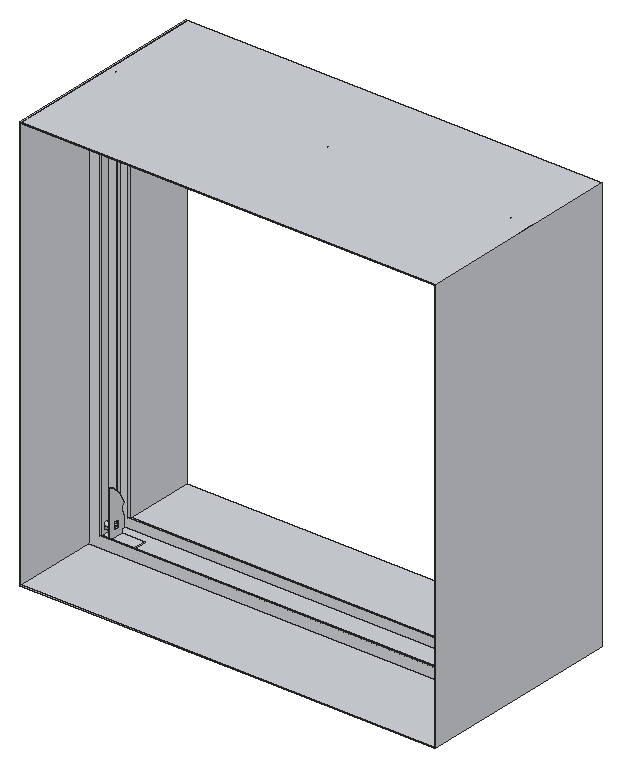
Revit family "FDD-SALB", category Mechanical Equipment, Revit 2015
Parameters
  URL = "http://unitedenertech.com/catalog/pdf/A-4%20FDD-SALB.pdf"
  Type Comments = "Max Sizes are (Vertical 72\"w x 36\"h or 36\"w x 72\"h) (Horizontal 36\"w x 36\"h)"
  Model = "FDD-SALB"
  Manufacturer = "United Enertech Corporation"
  Keynote = ""
  Exact Width = 2' - 0"
  Exact Height = 2' - 0"
  EFL Height [instance] = Blade Pair Number * 0' 0 13/32" + 0' 0 49/64"  # 0' - 3 13/64"
  Description = "Curtain Fire Damper (For Dynamic or Static Systems)"
  Depth = 1' - 0"
  Blade Width [instance] = Exact Width - 0' 0 1/8"  # 1' - 11 7/8"
  Blade Pair Number [instance] = (Exact Height - 0' 0 41/128") / 0' 3 7/8"  # 6
Reference planes (in)
  plane 1 "Center (Front/Back)": y = 0
  plane 2: z = 0
  plane 3 "Center (Left/Right)": x = 0
  plane 4: x = -12
  plane 5: x = 12
  plane 6: z = 24
  plane 7: y = 12
  plane 8: y = 7.09375
  plane 9: y = 4.90625
  plane 10: z = 23.9641
  plane 11: z = 0.0359
  plane 12: x = 11.9641
  plane 13: x = -11.9641
  plane 14: z = 0.6609
  plane 15: z = 23.3391
  plane 16: x = -11.3391
  plane 17: x = 11.3391
  plane 18: y = 5.03125
  plane 19: y = 6.96875
  plane 20: x = -0.25
  plane 21: x = 0.25
  plane 22: z = 20.76098
  plane 23: z = 20.85299
  plane 24: z = 0.1609
  plane 25: z = 23.8391
  plane 26: x = -11.8391
  plane 27: x = 11.8391
Forms (in)
  Extrusion 1, solid
    sketch origin (0, 0, 0) x (1, 0, 0) y (0, 0, 1)
      loop
        line (-12, 24) -> (-12, 0) -> (12, 0) -> (12, 24) -> (-12, 24)
      loop
        line (-11.9641, 23.9641) -> (-11.9641, 0.0359) -> (11.9641, 0.0359) -> (11.9641, 23.9641) -> (-11.9641, 23.9641)
    from -12 to 0
  Extrusion 2, solid
    sketch origin (0, 0, 0) x (1, 0, 0) y (0, 0, 1)
      loop
        line (-11.9641, 23.9641) -> (-11.9641, 0.0359) -> (11.9641, 0.0359) -> (11.9641, 23.9641) -> (-11.9641, 23.9641)
      loop
        line (-11.3391, 23.3391) -> (-11.3391, 0.6609) -> (11.3391, 0.6609) -> (11.3391, 23.3391) -> (-11.3391, 23.3391)
    from -5.03125 to -4.90625
  Extrusion 3, solid
    sketch origin (0, 0, 0) x (1, 0, 0) y (0, 0, 1)
      loop
        line (-11.9641, 23.9641) -> (-11.9641, 0.0359) -> (11.9641, 0.0359) -> (11.9641, 23.9641) -> (-11.9641, 23.9641)
      loop
        line (-11.3391, 23.3391) -> (-11.3391, 0.6609) -> (11.3391, 0.6609) -> (11.3391, 23.3391) -> (-11.3391, 23.3391)
    from -7.09375 to -6.96875
  Extrusion 4, solid
    sketch origin (0, 0, 0) x (0, 1, 0) y (0, 0, 1)
      loop
        line (6.93285, 23.9641) -> (6.89695, 23.9641) -> (6.89695, 20.82348)
        arc (6.89695, 20.82348) -> (6.91526, 20.77928) -> (6.95945, 20.76098) r 0.0625
        line (6.95945, 20.76098) -> (7.28755, 20.76098)
        arc (7.28755, 20.76098) -> (7.33174, 20.77928) -> (7.35005, 20.82348) r 0.0625
        line (7.35005, 20.82348) -> (7.35005, 21.34678) -> (7.31415, 21.34678) -> (7.31415, 20.82813)
        arc (7.31415, 20.82813) -> (7.305, 20.80603) -> (7.2829, 20.79688) r 0.03125
        line (7.2829, 20.79688) -> (6.9641, 20.79688)
        arc (6.9641, 20.79688) -> (6.942, 20.80603) -> (6.93285, 20.82813) r 0.03125
        line (6.93285, 20.82813) -> (6.93285, 23.9641)
    from -0.25 to 0.25
  Extrusion 5, solid
    sketch origin (0, 12, 0) x (0, -1, 0) y (0, 0, -1)
      loop
        line (6.93285, -23.9641) -> (6.93285, -20.82813)
        arc (6.93285, -20.82813) -> (6.942, -20.80603) -> (6.9641, -20.79688) r 0.03125
        line (6.9641, -20.79688) -> (7.2829, -20.79688)
        arc (7.2829, -20.79688) -> (7.305, -20.80603) -> (7.31415, -20.82813) r 0.03125
        line (7.31415, -20.82813) -> (7.31415, -21.34678) -> (7.35005, -21.34678) -> (7.35005, -20.82348)
        arc (7.35005, -20.82348) -> (7.33174, -20.77928) -> (7.28755, -20.76098) r 0.0625
        line (7.28755, -20.76098) -> (6.95945, -20.76098)
        arc (6.95945, -20.76098) -> (6.91526, -20.77928) -> (6.89695, -20.82348) r 0.0625
        line (6.89695, -20.82348) -> (6.89695, -23.9641) -> (6.93285, -23.9641)
    from -0.25 to 0.25
  Extrusion 6, solid
    sketch origin (0, 0, 0) x (1, 0, 0) y (0, 0, 1)
      loop
        line (-11.9641, 23.9641) -> (-11.9641, 0.0359) -> (11.9641, 0.0359) -> (11.9641, 23.9641) -> (-11.9641, 23.9641)
      loop
        line (-11.8391, 23.8391) -> (-11.8391, 0.1609) -> (11.8391, 0.1609) -> (11.8391, 23.8391) -> (-11.8391, 23.8391)
    from -6.96875 to -5.03125
  Extrusion 7, solid
    sketch origin (0, 0, 0) x (0, 1, 0) y (0, 0, 1)
      loop
        line (6.17541, 0.6609) -> (6.17541, 20.76098) -> (6.14346, 20.76098) -> (6.14346, 0.6609) -> (6.17541, 0.6609)
    from 11.3391 to 11.8391
  Extrusion 8, solid
    sketch origin (0, 0, 0) x (0, 1, 0) y (0, 0, 1)
      loop
        arc (6.17541, 20.76098) -> (6.07125, 21.18339) -> (5.73725, 21.46218) r 0.69838
        line (5.73725, 21.46218) -> (5.72569, 21.43314)
        arc (5.72569, 21.43314) -> (6.04537, 21.16583) -> (6.14406, 20.76098) r 0.66713
        line (6.14406, 20.76098) -> (6.17541, 20.76098)
    from 11.3391 to 11.8391
  Extrusion 9, solid
    sketch origin (0, 0, 0) x (0, 1, 0) y (0, 0, -1)
      loop
        line (6.17541, -0.6609) -> (6.14346, -0.6609) -> (6.14346, -20.76098) -> (6.17541, -20.76098) -> (6.17541, -0.6609)
    from 11.3391 to 11.8391
  Extrusion 10, solid
    sketch origin (0, 0, 0) x (0, 1, 0) y (0, 0, -1)
      loop
        line (6.17541, -20.76098) -> (6.14406, -20.76098)
        arc (6.14406, -20.76098) -> (6.04537, -21.16583) -> (5.72569, -21.43314) r 0.66713
        line (5.72569, -21.43314) -> (5.73725, -21.46218)
        arc (5.73725, -21.46218) -> (6.07125, -21.18339) -> (6.17541, -20.76098) r 0.69838
    from 11.3391 to 11.8391
Dimensions and locks (in)
  equal spacing: plane 4, plane 3 "Center (Left/Right)", plane 5
  "Exact Width": plane 4 to plane 5
  "Exact Height": plane 6 to level
  "Depth": plane 1 "Center (Front/Back)" to plane 7
  locked: plane 9 to plane 1 "Center (Front/Back)" at 4.90625
  locked: plane 7 to plane 8 at 4.90625
  locked: plane 6 to plane 10 at 0.0359
  locked: plane 11 to level at 0.0359
  locked: plane 5 to plane 12 at 0.0359
  locked: plane 4 to plane 13 at 0.0359
  locked: plane 14 to plane 11 at 0.625
  locked: plane 10 to plane 15 at 0.625
  locked: plane 16 to plane 13 at 0.625
  locked: plane 17 to plane 12 at 0.625
  locked: plane 18 to plane 9 at 0.125
  locked: plane 8 to plane 19 at 0.125
  locked: plane 20 to plane 3 "Center (Left/Right)" at 0.25
  locked: plane 21 to plane 3 "Center (Left/Right)" at 0.25
  "EFL Height": plane 10 to plane 22
  locked: plane 23 to plane 22 at 0.09202
  locked: plane 24 to plane 11 at 0.125
  locked: plane 25 to plane 10 at 0.125
  locked: plane 13 to plane 26 at 0.125
  locked: plane 27 to plane 12 at 0.125
  equal spacing: group 1, group 2, group 3, group 4, group 5, group 6  (x2)
  equal spacing: group 6, group 5, group 4, group 3, group 2, group 1
  locked: nested 2 to nested 3 at 0.40625
  aligned and locked: level to plane 2
  aligned and locked: Extrusion 1 sketch curve to plane 6
  aligned and locked: Extrusion 1 sketch curve to plane 4
  aligned and locked: level to Extrusion 1 sketch curve
  aligned and locked: Extrusion 1 sketch curve to plane 5
  aligned and locked: plane 11 to Extrusion 1 sketch curve
  aligned and locked: Extrusion 1 sketch curve to plane 12
  aligned and locked: Extrusion 1 sketch curve to plane 13
  aligned and locked: Extrusion 1 sketch curve to plane 10
  aligned and locked: plane 7 to Extrusion 1
  aligned and locked: plane 1 "Center (Front/Back)" to Extrusion 1
  aligned and locked: Extrusion 2 sketch curve to plane 10
  aligned and locked: Extrusion 2 sketch curve to plane 12
  aligned and locked: Extrusion 2 sketch curve to plane 13
  aligned and locked: plane 11 to Extrusion 2 sketch curve
  aligned and locked: plane 14 to Extrusion 2 sketch curve
  aligned and locked: plane 17 to Extrusion 2 sketch curve
  aligned and locked: plane 16 to Extrusion 2 sketch curve
  aligned and locked: Extrusion 2 sketch curve to plane 15
  aligned and locked: plane 18 to Extrusion 2
  aligned and locked: Extrusion 2 to plane 9
  aligned and locked: plane 8 to Extrusion 3
  aligned and locked: Extrusion 3 to plane 19
  aligned and locked: Extrusion 4 sketch curve to plane 10
  aligned and locked: plane 22 to Extrusion 4 sketch curve
  aligned and locked: plane 20 to Extrusion 5
  aligned and locked: plane 20 to Extrusion 4
  aligned and locked: plane 21 to Extrusion 4
  aligned and locked: plane 21 to Extrusion 5
  aligned and locked: nested 1 to plane 23
  aligned and locked: plane 3 "Center (Left/Right)" to nested 2
  aligned and locked: plane 11 to Extrusion 6 sketch curve
  aligned and locked: Extrusion 6 sketch curve to plane 13
  aligned and locked: Extrusion 6 sketch curve to plane 12
  aligned and locked: Extrusion 6 sketch curve to plane 10
  aligned and locked: plane 26 to Extrusion 6 sketch curve
  aligned and locked: plane 24 to Extrusion 6 sketch curve
  aligned and locked: plane 27 to Extrusion 6 sketch curve
  aligned and locked: plane 25 to Extrusion 6 sketch curve
  aligned and locked: plane 19 to Extrusion 6
  aligned and locked: Extrusion 6 to plane 18
  aligned and locked: nested 2 to plane 25
  aligned and locked: nested 5 to plane 24
  aligned and locked: nested 5 to plane 26
  aligned and locked: plane 27 to nested 6
  aligned and locked: plane 24 to nested 6
  aligned and locked: plane 14 to Extrusion 7 sketch curve
  aligned and locked: Extrusion 7 sketch curve to plane 22
  aligned and locked: plane 17 to Extrusion 7
  aligned and locked: Extrusion 7 to plane 27
  aligned and locked: plane 22 to Extrusion 8 sketch curve
  aligned and locked: Extrusion 8 to plane 27
  aligned and locked: plane 17 to Extrusion 8
  aligned and locked: plane 16 to Extrusion 10
  aligned and locked: Extrusion 10 to plane 26
  aligned and locked: plane 16 to Extrusion 9
  aligned and locked: Extrusion 9 to plane 26
Automatic sketch dimensions
  Extrusion 3 sketch curve to plane 11 = 0' - 0"
  plane 13 to Extrusion 3 sketch curve = 0' - 0"
  Extrusion 3 sketch curve to plane 15 = 0' - 0"
  Extrusion 3 sketch curve to plane 16 = 0' - 0"
  plane 17 to Extrusion 3 sketch curve = 0' - 0"
  Extrusion 3 sketch curve to plane 10 = 0' - 0"
  Extrusion 3 sketch curve to plane 12 = 0' - 0"
  Extrusion 3 sketch curve to plane 14 = 0' - 0"
  Extrusion 4 sketch curve to plane 19 = 0' - 0.0718"
  Extrusion 4 sketch curve to plane 19 = 0' - 0.0359"
  Extrusion 4 sketch curve to plane 19 = 0' - 0.0093"
  Extrusion 4 sketch curve to plane 19 = 0' - 0.00465"
  plane 22 to Extrusion 4 sketch curve = 0' - 0.0359"
  plane 8 to Extrusion 4 sketch curve = 0' - 0.18915"
  Extrusion 4 sketch curve to Extrusion 4 sketch curve = 0' - 0.00465"
  plane 8 to Extrusion 4 sketch curve = 0' - 0.2204"
  Extrusion 4 sketch curve to Extrusion 4 sketch curve = 0' - 0.0359"
  plane 23 to Extrusion 4 sketch curve = 0' - 0.49378"
  Extrusion 5 sketch curve to plane 10 = 0' - 0"
  Extrusion 5 sketch curve to plane 22 = 0' - 0"
  Extrusion 5 sketch curve to plane 18 = 0' - 0.0718"
  Extrusion 5 sketch curve to plane 18 = 0' - 0.0359"
  Extrusion 5 sketch curve to plane 18 = 0' - 0.0093"
  Extrusion 5 sketch curve to plane 18 = 0' - 0.00465"
  Extrusion 5 sketch curve to plane 22 = 0' - 0.0359"
  plane 9 to Extrusion 5 sketch curve = 0' - 0.18915"
  Extrusion 5 sketch curve to Extrusion 5 sketch curve = 0' - 0.00465"
  plane 9 to Extrusion 5 sketch curve = 0' - 0.2204"
  Extrusion 5 sketch curve to Extrusion 5 sketch curve = 0' - 0.0359"
  Extrusion 5 sketch curve to plane 23 = 0' - 0.49378"
  Extrusion 7 sketch curve to plane 19 = 0' - 0.82529"
  Extrusion 7 sketch curve to Extrusion 7 sketch curve = 0' - 0.03194"
  Extrusion 8 sketch curve to Extrusion 8 sketch curve = 0' - 0"  (x2)
  Extrusion 8 sketch curve to plane 23 = 0' - 0.03969"
  plane 18 to Extrusion 8 sketch curve = 0' - 0.44774"
  Extrusion 8 sketch curve to Extrusion 8 sketch curve = 0' - 0.2467"
  Extrusion 8 sketch curve to Extrusion 8 sketch curve = 0' - 0.01156"
  Extrusion 8 sketch curve to Extrusion 8 sketch curve = 0' - 0.66507"
  Extrusion 8 sketch curve to Extrusion 8 sketch curve = 0' - 0.03134"
  Extrusion 9 sketch curve to plane 14 = 0' - 0"
  Extrusion 9 sketch curve to plane 22 = 0' - 0"
  Extrusion 9 sketch curve to plane 19 = 0' - 0.82529"
  Extrusion 9 sketch curve to Extrusion 9 sketch curve = 0' - 0.03194"
  Extrusion 10 sketch curve to Extrusion 10 sketch curve = 0' - 0"  (x2)
  Extrusion 10 sketch curve to plane 22 = 0' - 0"
  Extrusion 10 sketch curve to plane 23 = 0' - 0.03969"
  plane 18 to Extrusion 10 sketch curve = 0' - 0.44774"
  Extrusion 10 sketch curve to Extrusion 10 sketch curve = 0' - 0.2467"
  Extrusion 10 sketch curve to Extrusion 10 sketch curve = 0' - 0.01156"
  Extrusion 10 sketch curve to Extrusion 10 sketch curve = 0' - 0.66507"
  Extrusion 10 sketch curve to Extrusion 10 sketch curve = 0' - 0.03134"
Nested families (in)
  nested 1: "EFL" at (4.62017, 9.54074, 20.85299), type "EFL"
  nested 2: "FD-SALB BLADESEDITED" at (0, 7.17008, 22.99638), type "FD-SALB BLADESEDITED"
    with Blade Width 1' - 11 7/8"
  nested 3: "FD-SALB BLADESEDITED" at (0, 7.17008, 22.59013), type "FD-SALB BLADESEDITED"
    with Blade Width 1' - 11 7/8"
  nested 4: "FD-SALB BLADESEDITED" at (0, 7.17008, 22.18388), type "FD-SALB BLADESEDITED"
    with Blade Width 1' - 11 7/8"
  nested 5: "Fire Damper Spring" at (-11.28519, 1.517, -2.70415) x (0, 1, 0) z (0, 0, 1), type "Fire Damper Spring"
  nested 6: "Fire Damper Spring" at (11.28519, 1.517, -2.70415) x (0, 1, 0) z (0, 0, 1), type "Fire Damper Spring"
  nested 7: "FD-SALB BLADESEDITED" at (0, 7.17008, 21.77763), type "FD-SALB BLADESEDITED"
    with Blade Width 1' - 11 7/8"
  nested 8: "FD-SALB BLADESEDITED" at (0, 7.17008, 21.37138), type "FD-SALB BLADESEDITED"
    with Blade Width 1' - 11 7/8"
  nested 9: "FD-SALB BLADESEDITED" at (0, 7.17008, 20.96513), type "FD-SALB BLADESEDITED"
    with Blade Width 1' - 11 7/8"
Definition of nested family "EFL"
  Reference planes (in)
    plane 1 "Center (Front/Back)": y = 0
    plane 2: z = 0
    plane 3 "Center (Left/Right)": x = 0
  Forms (in)
    Extrusion 1, solid
      sketch origin (0, 0, 0) x (1, 0, 0) y (0, 1, 0)
        loop
          arc (-4.87017, -4.05324) -> (-4.81525, -4.18582) -> (-4.68267, -4.24074) r 0.1875
          line (-4.68267, -4.24074) -> (-4.55767, -4.24074)
          arc (-4.55767, -4.24074) -> (-4.42508, -4.18582) -> (-4.37017, -4.05324) r 0.1875
          line (-4.37017, -4.05324) -> (-4.37017, -3.41574) -> (-4.87017, -3.41574) -> (-4.87017, -4.05324)
        loop
          circle (-4.62017, -4.05324) r 0.0625
      from 0.1 to 0.05
    Extrusion 2, solid
      sketch origin (-9.24033, -7.08147, 0) x (-1, 0, 0) y (0, -1, 0)
        loop
          arc (-4.87017, -4.05324) -> (-4.81525, -4.18582) -> (-4.68267, -4.24074) r 0.1875
          line (-4.68267, -4.24074) -> (-4.55767, -4.24074)
          arc (-4.55767, -4.24074) -> (-4.42508, -4.18582) -> (-4.37017, -4.05324) r 0.1875
          line (-4.37017, -4.05324) -> (-4.37017, -3.41574) -> (-4.87017, -3.41574) -> (-4.87017, -4.05324)
        loop
          circle (-4.62017, -4.05324) r 0.0625
      from 0 to 0.05
    Sweep 3, solid
      path in 3D
        loop
          line (-4.62017, -4.16421, 0) -> (-4.62017, -4.22608, 0)
          arc (-4.62017, -4.22608, 0) -> (-4.65678, -4.31447, 0) -> (-4.74517, -4.35108, 0) r 0.125
          line (-4.74517, -4.35108, 0) -> (-4.92568, -4.35108, 0)
          arc (-4.92568, -4.35108, 0) -> (-5.02859, -4.454, 0) -> (-4.92568, -4.55691, 0) r 0.10291
          line (-4.92568, -4.55691, 0) -> (-4.62017, -4.55691, 0) -> (-4.31465, -4.55691, 0)
          arc (-4.31465, -4.55691, 0) -> (-4.21174, -4.454, 0) -> (-4.31465, -4.35108, 0) r 0.10291
          line (-4.31465, -4.35108, 0) -> (-4.58427, -4.35108, 0)
      profile origin (-4.62017, -4.19515, 0) x (1, 0, 0) y (0, 0, 1)
        loop
          circle (0, 0) r 0.03202
    Sweep 4, solid
      path in 3D
        loop
          line (-4.62017, -4.283, 0.1526) -> (-4.62017, -4.12297, 0.1526)
          arc (-4.62017, -4.12297, 0.1526) -> (-4.62017, -4.04635, 0.07598) -> (-4.62017, -4.12297, -0.00063) r 0.07662
          line (-4.62017, -4.12297, -0.00063) -> (-4.62017, -4.16421, -0.00063)
      profile origin (-4.62017, -4.14359, -0.00063) x (0, 0, -1) y (1, 0, 0)
        loop
          circle (0, 0) r 0.03138
    Sweep 5, solid
      path in 3D
        loop
          line (-4.62017, -2.91726, 0) -> (-4.62017, -2.85539, 0)
          arc (-4.62017, -2.85539, 0) -> (-4.65678, -2.767, 0) -> (-4.74517, -2.73039, 0) r 0.125
          line (-4.74517, -2.73039, 0) -> (-4.92568, -2.73039, 0)
          arc (-4.92568, -2.73039, 0) -> (-5.02859, -2.62747, 0) -> (-4.92568, -2.52456, 0) r 0.10291
          line (-4.92568, -2.52456, 0) -> (-4.62017, -2.52456, 0) -> (-4.31465, -2.52456, 0)
          arc (-4.31465, -2.52456, 0) -> (-4.21174, -2.62747, 0) -> (-4.31465, -2.73039, 0) r 0.10291
          line (-4.31465, -2.73039, 0) -> (-4.58427, -2.73039, 0)
      profile origin (-4.62017, -2.88633, 0) x (-1, 0, 0) y (0, 0, 1)
        loop
          circle (0, 0) r 0.03202
    Sweep 6, solid
      path in 3D
        loop
          line (-4.62017, -2.79848, 0.1526) -> (-4.62017, -2.95851, 0.1526)
          arc (-4.62017, -2.95851, 0.1526) -> (-4.62017, -3.03512, 0.07598) -> (-4.62017, -2.95851, -0.00063) r 0.07662
          line (-4.62017, -2.95851, -0.00063) -> (-4.62017, -2.91726, -0.00063)
      profile origin (-4.62017, -2.93788, -0.00063) x (0, 0, 1) y (1, 0, 0)
        loop
          circle (0, 0) r 0.03138
  Lines and regions (in)
    sketch lines
      curve 1: line (-4.62017, -4.16421, 0) -> (-4.62017, -4.22608, 0)
      curve 2: arc (-4.74517, -4.35108, 0) -> (-4.65678, -4.31447, 0) -> (-4.62017, -4.22608, 0) r 0.125
      curve 3: line (-4.74517, -4.35108, 0) -> (-4.92568, -4.35108, 0)
      curve 4: arc (-4.92568, -4.35108, 0) -> (-5.02859, -4.454, 0) -> (-4.92568, -4.55691, 0) r 0.10291
      curve 5: line (-4.62017, -4.55691, 0) -> (-4.92568, -4.55691, 0)
      curve 6: line (-4.62017, -4.55691, 0) -> (-4.31465, -4.55691, 0)
      curve 7: arc (-4.31465, -4.55691, 0) -> (-4.21174, -4.454, 0) -> (-4.31465, -4.35108, 0) r 0.10291
      curve 8: line (-4.58427, -4.35108, 0) -> (-4.31465, -4.35108, 0)
      curve 9: line (-4.62017, -4.12297, -0.00063) -> (-4.62017, -4.16421, -0.00063)
      curve 10: arc (-4.62017, -4.12297, -0.00063) -> (-4.62017, -4.04635, 0.07598) -> (-4.62017, -4.12297, 0.1526) r 0.07662
      curve 11: line (-4.62017, -4.12297, 0.1526) -> (-4.62017, -4.283, 0.1526)
      curve 12: line (-4.62017, -2.91726, 0) -> (-4.62017, -2.85539, 0)
      curve 13: arc (-4.74517, -2.73039, 0) -> (-4.65678, -2.767, 0) -> (-4.62017, -2.85539, 0) r 0.125
      curve 14: line (-4.74517, -2.73039, 0) -> (-4.92568, -2.73039, 0)
      curve 15: arc (-4.92568, -2.73039, 0) -> (-5.02859, -2.62747, 0) -> (-4.92568, -2.52456, 0) r 0.10291
      curve 16: line (-4.62017, -2.52456, 0) -> (-4.92568, -2.52456, 0)
      curve 17: line (-4.62017, -2.52456, 0) -> (-4.31465, -2.52456, 0)
      curve 18: arc (-4.31465, -2.52456, 0) -> (-4.21174, -2.62747, 0) -> (-4.31465, -2.73039, 0) r 0.10291
      curve 19: line (-4.58427, -2.73039, 0) -> (-4.31465, -2.73039, 0)
      curve 20: line (-4.62017, -2.95851, -0.00063) -> (-4.62017, -2.91726, -0.00063)
      curve 21: arc (-4.62017, -2.95851, -0.00063) -> (-4.62017, -3.03512, 0.07598) -> (-4.62017, -2.95851, 0.1526) r 0.07662
      curve 22: line (-4.62017, -2.95851, 0.1526) -> (-4.62017, -2.79848, 0.1526)
  Dimensions and locks (in)
    aligned and locked: level to plane 2
Definition of nested family "FD-SALB BLADESEDITED"
  Parameters (values of type "FD-SALB BLADESEDITED")
    Blade Width = 2' - 4"
  Reference planes (in)
    plane 1 "Center (Front/Back)": y = 0
    plane 2: z = 0
    plane 3 "Center (Left/Right)": x = 0
    plane 4: x = -14
    plane 5: x = 14
  Forms (in)
    Extrusion 1, solid
      sketch origin (0, 0, 0) x (0, 1, 0) y (0, 0, 1)
        loop
          line (-0.31672, 0.53073) -> (-0.3446, 0.62657)
          arc (-0.3446, 0.62657) -> (-0.33726, 0.6415) -> (-0.32269, 0.63348) r 0.0115
          line (-0.32269, 0.63348) -> (-0.30545, 0.53536)
          arc (-0.30545, 0.53536) -> (-0.31611, 0.49773) -> (-0.35217, 0.48264) r 0.045
          line (-0.35217, 0.48264) -> (-0.39872, 0.48554)
          arc (-0.39872, 0.48554) -> (-0.42675, 0.49692) -> (-0.44125, 0.52348) r 0.045
          line (-0.44125, 0.52348) -> (-0.47071, 0.66865)
          arc (-0.47071, 0.66865) -> (-0.48965, 0.70349) -> (-0.5262, 0.7189) r 0.06
          line (-0.5262, 0.7189) -> (-1.55698, 0.78305) -> (-1.76244, 0.79584)
          arc (-1.76244, 0.79584) -> (-1.79846, 0.78683) -> (-1.82228, 0.75836) r 0.06
          line (-1.82228, 0.75836) -> (-1.88016, 0.61423)
          arc (-1.88016, 0.61423) -> (-1.90974, 0.57877) -> (-1.95445, 0.56733) r 0.075
          arc (-1.95445, 0.56733) -> (-2.03902, 0.60869) -> (-2.06957, 0.69773) r 0.123
          line (-2.06957, 0.69773) -> (-2.06418, 0.78456)
          arc (-2.06418, 0.78456) -> (-2.05371, 0.80551) -> (-2.03138, 0.81256) r 0.03
          line (-2.03138, 0.81256) -> (-1.90763, 0.80489) -> (-1.90763, 0.8362) -> (-2.01284, 0.84272) -> (-2.04641, 0.84272)
          arc (-2.04641, 0.84272) -> (-2.08042, 0.82292) -> (-2.09536, 0.7865) r 0.06125
          line (-2.09536, 0.7865) -> (-2.10077, 0.69966)
          arc (-2.10077, 0.69966) -> (-2.06244, 0.58801) -> (-1.95639, 0.53614) r 0.15425
          arc (-1.95639, 0.53614) -> (-1.89306, 0.55235) -> (-1.8512, 0.60257) r 0.10625
          line (-1.8512, 0.60257) -> (-1.7933, 0.74674)
          arc (-1.7933, 0.74674) -> (-1.78183, 0.76038) -> (-1.76452, 0.76466) r 0.02875
          line (-1.76452, 0.76466) -> (-1.55892, 0.75186) -> (-0.52813, 0.68773)
          arc (-0.52813, 0.68773) -> (-0.51045, 0.68016) -> (-0.50148, 0.66314) r 0.02875
          line (-0.50148, 0.66314) -> (-0.47199, 0.51784)
          arc (-0.47199, 0.51784) -> (-0.4474, 0.47346) -> (-0.4004, 0.45434) r 0.07625
          line (-0.4004, 0.45434) -> (-0.35398, 0.45144)
          arc (-0.35398, 0.45144) -> (-0.29278, 0.47694) -> (-0.27468, 0.54073) r 0.07625
          line (-0.27468, 0.54073) -> (-0.29191, 0.63889)
          arc (-0.29191, 0.63889) -> (-0.33988, 0.67434) -> (-0.37768, 0.6282) r 0.04327
          line (-0.37768, 0.6282) -> (-0.34677, 0.52199) -> (-0.31672, 0.53073)
      from -14 to 14
    Extrusion 2, solid
      sketch origin (0, 0, 0) x (0, 1, 0) y (0, 0, 1)
        loop
          arc (-0.31635, 0.67497) -> (-0.29361, 0.66856) -> (-0.28256, 0.64768) r 0.03
          line (-0.28256, 0.64768) -> (-0.2714, 0.56286)
          arc (-0.2714, 0.56286) -> (-0.29582, 0.47194) -> (-0.37737, 0.42491) r 0.123
          arc (-0.37737, 0.42491) -> (-0.42275, 0.43328) -> (-0.45469, 0.46664) r 0.075
          line (-0.45469, 0.46664) -> (-0.52225, 0.60648)
          arc (-0.52225, 0.60648) -> (-0.54755, 0.63305) -> (-0.58358, 0.63992) r 0.06
          line (-0.58358, 0.63992) -> (-0.78858, 0.61304) -> (-1.81262, 0.47877)
          arc (-1.81262, 0.47877) -> (-1.84723, 0.46173) -> (-1.86432, 0.42714) r 0.06
          line (-1.86432, 0.42714) -> (-1.88437, 0.27537)
          arc (-1.88437, 0.27537) -> (-1.89734, 0.2499) -> (-1.92301, 0.23735) r 0.045
          line (-1.92301, 0.23735) -> (-1.96868, 0.2314)
          arc (-1.96868, 0.2314) -> (-2.00696, 0.24361) -> (-2.02023, 0.28153) r 0.045
          line (-2.02023, 0.28153) -> (-2.00995, 0.379)
          arc (-2.00995, 0.379) -> (-1.99657, 0.38882) -> (-1.98728, 0.37505) r 0.0115
          line (-1.98728, 0.37505) -> (-2.00879, 0.27676) -> (-1.97772, 0.26996) -> (-1.95543, 0.37179)
          arc (-1.95543, 0.37179) -> (-1.99381, 0.41919) -> (-2.04121, 0.38081) r 0.04313
          line (-2.04121, 0.38081) -> (-2.05127, 0.28509)
          arc (-2.05127, 0.28509) -> (-2.02877, 0.22122) -> (-1.96431, 0.20045) r 0.07625
          line (-1.96431, 0.20045) -> (-1.91897, 0.20638)
          arc (-1.91897, 0.20638) -> (-1.87533, 0.22771) -> (-1.85342, 0.27106) r 0.07625
          line (-1.85342, 0.27106) -> (-1.83333, 0.42305)
          arc (-1.83333, 0.42305) -> (-1.82514, 0.43962) -> (-1.80853, 0.44779) r 0.02875
          line (-1.80853, 0.44779) -> (-0.78452, 0.58205) -> (-0.57967, 0.60892)
          arc (-0.57967, 0.60892) -> (-0.56246, 0.60559) -> (-0.55039, 0.5929) r 0.02875
          line (-0.55039, 0.5929) -> (-0.48278, 0.45303)
          arc (-0.48278, 0.45303) -> (-0.4376, 0.40578) -> (-0.37331, 0.39393) r 0.10625
          arc (-0.37331, 0.39393) -> (-0.27103, 0.4529) -> (-0.24041, 0.56695) r 0.15425
          line (-0.24041, 0.56695) -> (-0.2515, 0.65113)
          arc (-0.2515, 0.65113) -> (-0.27433, 0.69316) -> (-0.32041, 0.70596) r 0.06125
          line (-0.32041, 0.70596) -> (-0.44437, 0.68971) -> (-0.44031, 0.65872) -> (-0.31635, 0.67497)
      from -14 to 14
  Dimensions and locks (in)
    equal spacing: plane 4, plane 3 "Center (Left/Right)", plane 5
    "Blade Width": plane 4 to plane 5
    aligned and locked: level to plane 2
    aligned and locked: plane 4 to Extrusion 1
    aligned and locked: plane 4 to Extrusion 2
    aligned and locked: plane 5 to Extrusion 1
    aligned and locked: plane 5 to Extrusion 2
  Automatic sketch dimensions
    Extrusion 2 sketch curve to Extrusion 2 sketch curve = 0' - 0"  (x35)
    level to Extrusion 2 sketch curve = 0' - 0.28509"
    plane 1 "Center (Front/Back)" to Extrusion 2 sketch curve = 0' - 2.05127"
    level to Extrusion 2 sketch curve = 0' - 0.38081"
    Extrusion 2 sketch curve to Extrusion 2 sketch curve = 0' - 0.01006"
    level to Extrusion 2 sketch curve = 0' - 0.28153"
    Extrusion 2 sketch curve to Extrusion 2 sketch curve = 0' - 0.03105"
    level to Extrusion 2 sketch curve = 0' - 0.27676"
    Extrusion 2 sketch curve to Extrusion 2 sketch curve = 0' - 0.01143"  (x2)
    Extrusion 2 sketch curve to Extrusion 2 sketch curve = 0' - 0.04266"
    Extrusion 2 sketch curve to Extrusion 2 sketch curve = 0' - 0.00023"
    level to Extrusion 2 sketch curve = 0' - 0.26996"
    Extrusion 2 sketch curve to Extrusion 2 sketch curve = 0' - 0.03107"
    Extrusion 2 sketch curve to Extrusion 2 sketch curve = 0' - 0.00213"
    level to Extrusion 2 sketch curve = 0' - 0.2314"
    Extrusion 2 sketch curve to Extrusion 2 sketch curve = 0' - 0.00904"
    level to Extrusion 2 sketch curve = 0' - 0.20045"
    level to Extrusion 2 sketch curve = 0' - 0.37179"
    Extrusion 2 sketch curve to Extrusion 2 sketch curve = 0' - 0.0467"
    level to Extrusion 2 sketch curve = 0' - 0.27537"
    Extrusion 2 sketch curve to Extrusion 2 sketch curve = 0' - 0.04451"
    level to Extrusion 2 sketch curve = 0' - 0.27106"
    Extrusion 2 sketch curve to Extrusion 2 sketch curve = 0' - 0.03095"
    Extrusion 2 sketch curve to Extrusion 2 sketch curve = 0' - 0.0486"
    plane 1 "Center (Front/Back)" to Extrusion 2 sketch curve = 0' - 0.78452"
    Extrusion 2 sketch curve to Extrusion 2 sketch curve = 0' - 0.20094"
    Extrusion 2 sketch curve to Extrusion 2 sketch curve = 0' - 0 1/256"  (x2)
    Extrusion 2 sketch curve to Extrusion 2 sketch curve = 0' - 0.0034"
    Extrusion 2 sketch curve to Extrusion 2 sketch curve = 0' - 0.13921"
    Extrusion 2 sketch curve to Extrusion 2 sketch curve = 0' - 0.00406"  (x3)
    Extrusion 2 sketch curve to Extrusion 2 sketch curve = 0' - 0.04695"
    Extrusion 2 sketch curve to Extrusion 2 sketch curve = 0' - 0.00624"
    Extrusion 2 sketch curve to Extrusion 2 sketch curve = 0' - 0.0809"
    Extrusion 2 sketch curve to Extrusion 2 sketch curve = 0' - 0.0299"
    Extrusion 2 sketch curve to Extrusion 2 sketch curve = 0' - 0.03106"
    Extrusion 2 sketch curve to Extrusion 2 sketch curve = 0' - 0.00661"
    Extrusion 2 sketch curve to Extrusion 2 sketch curve = 0' - 0.00119"
    Extrusion 2 sketch curve to Extrusion 2 sketch curve = 0' - 0.14822"
    level to Extrusion 2 sketch curve = 0' - 0.49927"
    Extrusion 2 sketch curve to Extrusion 2 sketch curve = 0' - 0.04759"
    Extrusion 2 sketch curve to Extrusion 2 sketch curve = 0' - 0.0335"
    Extrusion 2 sketch curve to Extrusion 2 sketch curve = 0' - 0.00168"
    Extrusion 2 sketch curve to Extrusion 2 sketch curve = 0' - 0.02855"
    Extrusion 2 sketch curve to Extrusion 2 sketch curve = 0' - 0.031"
    Extrusion 2 sketch curve to Extrusion 2 sketch curve = 0' - 0.09835"
    Extrusion 2 sketch curve to Extrusion 2 sketch curve = 0' - 0.00246"
    Extrusion 2 sketch curve to Extrusion 2 sketch curve = 0' - 0.00345"
    Extrusion 2 sketch curve to Extrusion 2 sketch curve = 0' - 0.11186"
    Extrusion 2 sketch curve to Extrusion 2 sketch curve = 0' - 0.03098"  (x3)
    level to Extrusion 2 sketch curve = 0' - 0.37898"
    Extrusion 2 sketch curve to Extrusion 2 sketch curve = 0' - 0.00003"  (x4)
    Extrusion 2 sketch curve to Extrusion 2 sketch curve = 0' - 0.01101"
    level to Extrusion 2 sketch curve = 0' - 0.37505"
    Extrusion 2 sketch curve to Extrusion 2 sketch curve = 0' - 0.00585"
    level to Extrusion 2 sketch curve = 0' - 0.23735"
    Extrusion 2 sketch curve to Extrusion 2 sketch curve = 0' - 0.00404"
    level to Extrusion 2 sketch curve = 0' - 0.20636"
    level to Extrusion 2 sketch curve = 0' - 0.42714"
    Extrusion 2 sketch curve to Extrusion 2 sketch curve = 0' - 0.0595"
    level to Extrusion 2 sketch curve = 0' - 0.42305"
    Extrusion 2 sketch curve to Extrusion 2 sketch curve = 0' - 0.02852"
    Extrusion 2 sketch curve to Extrusion 2 sketch curve = 0' - 0.0207"
    level to Extrusion 2 sketch curve = 0' - 0.47878"
    Extrusion 2 sketch curve to Extrusion 2 sketch curve = 0' - 0.00374"
    level to Extrusion 2 sketch curve = 0' - 0.44779"
    Extrusion 2 sketch curve to Extrusion 2 sketch curve = 0' - 0.02588"
    Extrusion 2 sketch curve to Extrusion 2 sketch curve = 0' - 0.02814"
    Extrusion 2 sketch curve to Extrusion 2 sketch curve = 0' - 0.0957"
    Extrusion 2 sketch curve to Extrusion 2 sketch curve = 0' - 0.00004"  (x2)
    Extrusion 2 sketch curve to Extrusion 2 sketch curve = 0' - 0.02809"
    Extrusion 2 sketch curve to Extrusion 2 sketch curve = 0' - 0.00975"
    Extrusion 2 sketch curve to Extrusion 2 sketch curve = 0' - 0.00796"
    Extrusion 2 sketch curve to Extrusion 2 sketch curve = 0' - 0.01116"
    Extrusion 2 sketch curve to Extrusion 2 sketch curve = 0' - 0.00002"
    Extrusion 1 sketch curve to Extrusion 1 sketch curve = 0' - 0"  (x30)
    level to Extrusion 1 sketch curve = 0' - 0.7827"
    plane 1 "Center (Front/Back)" to Extrusion 1 sketch curve = 0' - 2.03423"
    Extrusion 1 sketch curve to Extrusion 1 sketch curve = 0' - 0.00284"
    Extrusion 1 sketch curve to Extrusion 1 sketch curve = 0' - 0.01854"
    Extrusion 1 sketch curve to Extrusion 1 sketch curve = 0' - 0.08443"
    Extrusion 1 sketch curve to Extrusion 1 sketch curve = 0' - 0.00298"
    Extrusion 1 sketch curve to Extrusion 1 sketch curve = 0' - 0.03918"
    Extrusion 1 sketch curve to Extrusion 1 sketch curve = 0' - 0.14102"
    level to Extrusion 1 sketch curve = 0' - 0.76466"
    Extrusion 1 sketch curve to Extrusion 1 sketch curve = 0' - 0.00209"
    level to Extrusion 1 sketch curve = 0' - 0.79584"
    Extrusion 1 sketch curve to Extrusion 1 sketch curve = 0' - 0.00208"  (x2)
    level to Extrusion 1 sketch curve = 0' - 0.75186"
    Extrusion 1 sketch curve to Extrusion 1 sketch curve = 0' - 0.2056"
    Extrusion 1 sketch curve to Extrusion 1 sketch curve = 0' - 0.00194"  (x2)
    plane 1 "Center (Front/Back)" to Extrusion 1 sketch curve = 0' - 0.52993"
    Extrusion 1 sketch curve to Extrusion 1 sketch curve = 0' - 0.02845"
    Extrusion 1 sketch curve to Extrusion 1 sketch curve = 0' - 0.02949"
    Extrusion 1 sketch curve to Extrusion 1 sketch curve = 0' - 0.03077"  (x2)
    Extrusion 1 sketch curve to Extrusion 1 sketch curve = 0' - 0.03074"
    Extrusion 1 sketch curve to Extrusion 1 sketch curve = 0' - 0.04085"
    Extrusion 1 sketch curve to Extrusion 1 sketch curve = 0' - 0.00168"
    Extrusion 1 sketch curve to Extrusion 1 sketch curve = 0' - 0.04445"
    Extrusion 1 sketch curve to Extrusion 1 sketch curve = 0' - 0.01912"
    Extrusion 1 sketch curve to Extrusion 1 sketch curve = 0' - 0.04641"
    Extrusion 1 sketch curve to Extrusion 1 sketch curve = 0' - 0.00182"
    Extrusion 1 sketch curve to Extrusion 1 sketch curve = 0' - 0.00238"
    Extrusion 1 sketch curve to Extrusion 1 sketch curve = 0' - 0.00302"
    Extrusion 1 sketch curve to Extrusion 1 sketch curve = 0' - 0.03307"
    Extrusion 1 sketch curve to Extrusion 1 sketch curve = 0' - 0.01008"
    Extrusion 1 sketch curve to Extrusion 1 sketch curve = 0' - 0.00072"
    Extrusion 1 sketch curve to Extrusion 1 sketch curve = 0' - 0.01112"
    Extrusion 1 sketch curve to Extrusion 1 sketch curve = 0' - 0.03006"
    Extrusion 1 sketch curve to Extrusion 1 sketch curve = 0' - 0.03078"
    Extrusion 1 sketch curve to Extrusion 1 sketch curve = 0' - 0.02867"
    Extrusion 1 sketch curve to Extrusion 1 sketch curve = 0' - 0.09261"
    level to Extrusion 1 sketch curve = 0' - 0.66865"
    Extrusion 1 sketch curve to Extrusion 1 sketch curve = 0' - 0.00551"
    Extrusion 1 sketch curve to Extrusion 1 sketch curve = 0' - 0.00412"
    Extrusion 1 sketch curve to Extrusion 1 sketch curve = 0' - 0.04791"
    Extrusion 1 sketch curve to Extrusion 1 sketch curve = 0' - 0.02976"
    Extrusion 1 sketch curve to Extrusion 1 sketch curve = 0' - 0.00541"
    Extrusion 1 sketch curve to Extrusion 1 sketch curve = 0' - 0.00087"
    Extrusion 1 sketch curve to Extrusion 1 sketch curve = 0' - 0.00852"
    Extrusion 1 sketch curve to Extrusion 1 sketch curve = 0' - 0.00559"
    Extrusion 1 sketch curve to Extrusion 1 sketch curve = 0' - 0.00702"
    Extrusion 1 sketch curve to Extrusion 1 sketch curve = 0' - 0.00564"
    Extrusion 1 sketch curve to Extrusion 1 sketch curve = 0' - 0.03935"
    Extrusion 1 sketch curve to Extrusion 1 sketch curve = 0' - 0.0312"
    Extrusion 1 sketch curve to Extrusion 1 sketch curve = 0' - 0.03119"
    Extrusion 1 sketch curve to Extrusion 1 sketch curve = 0' - 0.1148"
    Extrusion 1 sketch curve to Extrusion 1 sketch curve = 0' - 0.03131"
    Extrusion 1 sketch curve to Extrusion 1 sketch curve = 0' - 0.02994"
    level to Extrusion 1 sketch curve = 0' - 0.78456"
    Extrusion 1 sketch curve to Extrusion 1 sketch curve = 0' - 0.00539"
    level to Extrusion 1 sketch curve = 0' - 0.69772"
    Extrusion 1 sketch curve to Extrusion 1 sketch curve = 0' - 0.03117"
    Extrusion 1 sketch curve to Extrusion 1 sketch curve = 0' - 0.03118"
    level to Extrusion 1 sketch curve = 0' - 0.69966"
    Extrusion 1 sketch curve to Extrusion 1 sketch curve = 0' - 0.03357"
    Extrusion 1 sketch curve to Extrusion 1 sketch curve = 0' - 0.0066"
    Extrusion 1 sketch curve to Extrusion 1 sketch curve = 0' - 0.06959"
    level to Extrusion 1 sketch curve = 0' - 0.61423"
    Extrusion 1 sketch curve to Extrusion 1 sketch curve = 0' - 0.00004"  (x2)
    Extrusion 1 sketch curve to Extrusion 1 sketch curve = 0' - 0.02896"
    level to Extrusion 1 sketch curve = 0' - 0.60259"
    level to Extrusion 1 sketch curve = 0' - 0.75838"
    Extrusion 1 sketch curve to Extrusion 1 sketch curve = 0' - 0.05778"
    level to Extrusion 1 sketch curve = 0' - 0.74674"
    Extrusion 1 sketch curve to Extrusion 1 sketch curve = 0' - 0.02669"
    Extrusion 1 sketch curve to Extrusion 1 sketch curve = 0' - 0.00179"
    Extrusion 1 sketch curve to Extrusion 1 sketch curve = 0' - 0.00193"
    Extrusion 1 sketch curve to Extrusion 1 sketch curve = 0' - 0.01125"
    Extrusion 1 sketch curve to Extrusion 1 sketch curve = 0' - 0.00003"
    Extrusion 1 sketch curve to Extrusion 1 sketch curve = 0' - 0.05622"
    Extrusion 1 sketch curve to Extrusion 1 sketch curve = 0' - 0.03016"
Definition of nested family "Fire Damper Spring"
  Reference planes (in)
    plane 1 "Center (Front/Back)": y = 0
    plane 2: z = 0
    plane 3 "Center (Left/Right)": x = 0
  Forms (in)
    Extrusion 1, solid
      sketch origin (-1.85058, 0, 0) x (1, 0, 0) y (0, 0, 1)
        loop
          line (5.83358, 5.61505) -> (5.83358, 2.86505) -> (6.70858, 2.86505) -> (6.70858, 3.11505) -> (6.83358, 3.11505) -> (6.83358, 3.74645) -> (6.70858, 4.08156) -> (6.70858, 4.28395) -> (6.83358, 4.40895)
          arc (6.83358, 4.40895) -> (6.47375, 5.12822) -> (5.83358, 5.61505) r 1.77618
        loop
          line (6.15858, 3.72986) -> (6.15858, 3.22986) -> (6.50858, 3.22986) -> (6.50858, 3.72986) -> (6.15858, 3.72986)
      from 0 to 0.06
    Extrusion 2, solid
      sketch origin (0, 0, 0) x (1, 0, 0) y (0, 0, 1)
        loop
          line (3.983, 2.86505) -> (4.858, 2.86505) -> (4.858, 2.92505) -> (3.983, 2.92505) -> (3.983, 2.86505)
      from 0.06 to 1.375
    Extrusion 3, solid
      sketch origin (-1.27452, 0, -0.02337) x (1, 0, 0) y (0, 0, 1)
        loop
          circle (5.75753, 3.32218) r 0.1875
        loop
          circle (5.75753, 3.32218) r 0.16
      from 0 to -0.5
    Extrusion 4, solid
      sketch origin (0, 0, 0) x (1, 0, 0) y (0, 0, 1)
        loop
          line (4.38792, 3.22986) -> (4.38792, 3.16986) -> (4.57943, 3.16986) -> (4.57943, 3.22986) -> (4.38792, 3.22986)
      from 0 to -0.55391
  Dimensions and locks (in)
    aligned and locked: level to plane 2
